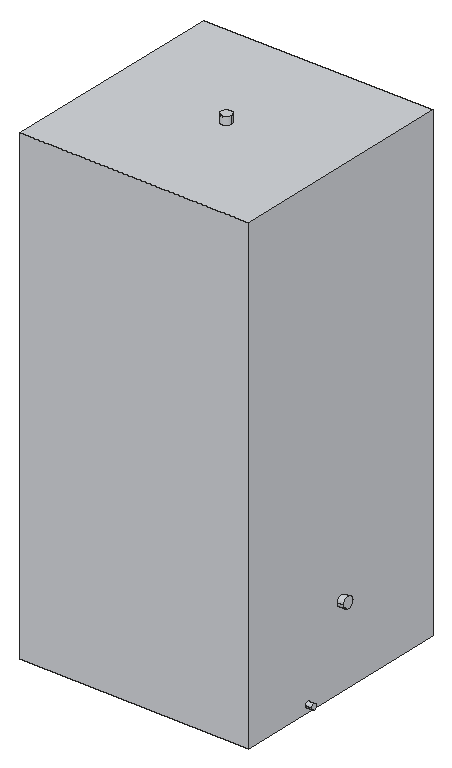
Revit family
Parameters (values of type "HV(Voltage)(kW)1250 1 Phase")
  Wattage = MAX KW * 1000 VA  # 60000 VA
  MAX KW = 60
  D_INLET HEIGHT = 23 1/4"
  Water Conn Radius = 1 1/2"
  VOLTAGE = 208 V
  Total Amps = MAX KW * 1000 V / VOLTAGE  # 288.4615
  Top Clearance = 24"
  SES BIM Studio # = "201264902-49"
  URL = "http://www.lochinvar.com/_linefiles/CHP-10.pdf"
  Number of Poles = 2
  Model = "HV *(kW)-1250"
  Manufacturer = "Lochinvar"
  MODEL NO. = "HV (Voltage) (kW)-1000"
  INLET/OUTLET SIZE = Water Conn Radius * 2  # 3"
  GALLON CAPACITY = "1250"
  Cost = 0
  C_DEPTH = 64 1/2"
  CONTINUOUS DELIVERY (GPH) = "246"
  B_WIDTH = 64 1/2"
  A_HEIGHT = 132 1/2"
  Description = ""
  Fuel Type = ""
  # OF ELEMENTS = "4"
Types (5): name | D_INLET HEIGHT | Model | GALLON CAPACITY | C_DEPTH | B_WIDTH | A_HEIGHT
  (no name) | 23 1/4" | "HV *(kW)-1250" | "1250" | 64 1/2" | 64 1/2" | 132 1/2"
  HV(Voltage)(kW)1250 1 Phase | 23 1/4" | "HV *(kW)-1250" | "1250" | 64 1/2" | 64 1/2" | 132 1/2"
  HV(Voltage)(kW)1500 1 Phase | 25 1/4" | "HV *(kW)-1500" | "1500" | 70 1/2" | 70 1/2" | 128 1/2"
  HV(Voltage)(kW)2000 1 Phase | 27 1/4" | "HV *(kW)-2000" | "2000" | 76 1/2" | 76 1/2" | 140 1/2"
  HV(Voltage)(kW)2500 1 Phase | 29" | "HV *(kW)-2500" | "2500" | 82 1/2" | 82 1/2" | 146 1/2"
Reference planes (in)
  plane 1 "Center of Tank": y = 6.125
  plane 2: z = 0
  plane 3 "Center (Left/Right)": x = -1.39218
  plane 4 "Top": z = 132.5
  plane 5 "Back": y = 38.375
  plane 6 "Inlet Height": z = 23.25
  plane 7 "Left": x = -33.64218
  plane 8 "Right": x = 30.85782
  plane 9 "Front": y = -26.125
  plane 10: y = -5.875
  plane 11: z = 130
  plane 12: x = -19.39218
  plane 13: x = 16.60782
Forms (in)
  Extrusion 1, solid
    sketch origin (0, 0, 0) x (1, 0, 0) y (0, 1, 0)
      loop
        line (-33.64218, 38.375) -> (-33.64218, -26.125) -> (30.85782, -26.125) -> (30.85782, 38.375) -> (-33.64218, 38.375)
    from 0 to 132.5
  Extrusion 2, solid
    sketch origin (30.85782, 0, 0) x (0, 1, 0) y (0, 0, 1)
      loop
        circle (6.125, 23.25) r 1.5
    from 0 to 2
  Extrusion 3, solid
    sketch origin (30.85782, -12, -21) x (0, 1, 0) y (0, 0, 1)
      loop
        circle (6.125, 23.25) r 0.75
    from 0 to 2
  Extrusion 4, solid
    sketch origin (0, 0, 132.5) x (-1, 0, 0) y (0, -1, 0)
      loop
        circle (1.39218, -6.125) r 1.5
    from 0 to 2
Lines and regions (in)
  model lines, style "MechanicalEquipment"
    curve 1: line (-19.39218, -26.125, 5) -> (-19.39218, -26.125, 130)
    curve 2: line (-19.39218, -26.125, 130) -> (16.60782, -26.125, 130)
    curve 3: line (16.60782, -26.125, 130) -> (16.60782, -26.125, 5)
    curve 4: line (16.60782, -26.125, 5) -> (-19.39218, -26.125, 5)
  model lines
    curve 5: line (-33.64218, -26.125, 4) -> (30.85782, -26.125, 4)
    curve 6: line (-16.39218, -26.125, 67.5) -> (-16.39218, -26.125, 70.5)
    curve 7: line (-16.39218, -26.125, 70.5) -> (-15.39218, -26.125, 70.5)
    curve 8: line (-15.39218, -26.125, 70.5) -> (-15.39218, -26.125, 64.5)
    curve 9: line (-15.39218, -26.125, 64.5) -> (-16.39218, -26.125, 64.5)
    curve 10: line (-16.39218, -26.125, 64.5) -> (-16.39218, -26.125, 67.5)
    curve 11: line (-7.39218, -26.125, 114) -> (4.60782, -26.125, 114)
    curve 12: line (4.60782, -26.125, 114) -> (4.60782, -26.125, 108)
    curve 13: line (4.60782, -26.125, 108) -> (-7.39218, -26.125, 108)
    curve 14: line (-7.39218, -26.125, 108) -> (-7.39218, -26.125, 114)
    curve 15: line (30.85782, -26.125, 5) -> (30.85782, 38.375, 5)
    curve 16: line (30.85782, 38.375, 4) -> (-33.64218, 38.375, 4)
    curve 17: line (-33.64218, 38.375, 5) -> (-33.64218, -26.125, 5)
Dimensions and locks (in)
  "A_HEIGHT": plane 4 "Top" to level
  equal spacing: plane 7 "Left", plane 3 "Center (Left/Right)", plane 8 "Right"
  "B_WIDTH": plane 7 "Left" to plane 8 "Right"
  equal spacing: plane 9 "Front", plane 1 "Center of Tank", plane 5 "Back"
  "C_DEPTH": plane 9 "Front" to plane 5 "Back"
  "D_INLET HEIGHT": plane 6 "Inlet Height" to level
  locked: plane 4 "Top" to plane 11 at 2.5
  equal spacing: plane 13, plane 3 "Center (Left/Right)", plane 12
  plane 13 to plane 12 = 36"
  "Water Conn Radius": radius of Extrusion 2 sketch curve
  radius of Extrusion 3 sketch curve = 3/4"
  "Water Conn Radius": radius of Extrusion 4 sketch curve
  aligned and locked: plane 4 "Top" to Extrusion 1
  aligned and locked: curve 3 to plane 13
  aligned and locked: plane 12 to curve 1
Automatic sketch dimensions
  plane 5 "Back" to Extrusion 1 sketch curve = 0"
  Extrusion 1 sketch curve to plane 7 "Left" = 0"
  Extrusion 1 sketch curve to plane 8 "Right" = 0"
  plane 9 "Front" to Extrusion 1 sketch curve = 0"
  Extrusion 2 sketch curve to plane 1 "Center of Tank" = 0"
  Extrusion 2 sketch curve to plane 6 "Inlet Height" = 0"
  Extrusion 3 sketch curve to plane 10 = 0"
  level to Extrusion 3 sketch curve = 2 1/4"
  plane 1 "Center of Tank" to Extrusion 4 sketch curve = 0"
  Extrusion 4 sketch curve to plane 3 "Center (Left/Right)" = 0"
  curve 5 to plane 7 "Left" = 0"
  curve 1 to plane 11 = 0"
  curve 5 to plane 8 "Right" = 0"
  plane 12 to curve 7 = 3"
  curve 9 to curve 9 = 1"
  curve 14 to plane 3 "Center (Left/Right)" = 6"
  plane 3 "Center (Left/Right)" to curve 12 = 6"
  curve 12 to plane 11 = 16"
  curve 12 to curve 11 = 6"
  curve 7 to curve 13 = 37 1/2"
  curve 6 to curve 6 = 3"
  curve 8 to curve 6 = 3"
  level to curve 3 = 5"
  level to curve 5 = 4"
  curve 15 to plane 9 "Front" = 0"
  curve 15 to plane 5 "Back" = 0"
  level to curve 15 = 5"
  curve 16 to plane 7 "Left" = 0"
  curve 16 to plane 8 "Right" = 0"
  level to curve 16 = 4"
  curve 17 to plane 9 "Front" = 0"
  curve 17 to plane 5 "Back" = 0"
  level to curve 17 = 5"
Connectors (in)
  piping at (-1.39218, 6.125, 134.5), driven by "Water Conn Radius"
    settings: on Extrusion 4, index 1, connector radius 1 1/2", flow factor 0, pipe flow 0 GPM, pressure drop 0.00 psi, fitting loss kfactor 0, connector angle 0.00°, fixture units 0, flow configuration 1, flow direction 2, fitting loss method 0, system type 19, connector reference index -1, connector utility 0, adjustable connector no, is connector primary yes, fitting loss table "", connector description ""
  piping at (32.85782, 6.125, 23.25), driven by "Water Conn Radius"
    settings: on Extrusion 2, index 2, connector radius 1 1/2", flow factor 0, pipe flow 0 GPM, pressure drop 0.00 psi, fitting loss kfactor 0, connector angle 0.00°, fixture units 0, flow configuration 1, flow direction 1, fitting loss method 0, system type 20, connector reference index -1, connector utility 0, adjustable connector no, is connector primary no, fitting loss table "", connector description "Water Inlet Conn"
  piping at (32.85782, -5.875, 2.25)
    settings: on Extrusion 3, index 3, connector radius 3/4", flow factor 0, pipe flow 0 GPM, pressure drop 0.00 psi, fitting loss kfactor 0, connector angle 0.00°, fixture units 0, flow configuration 1, flow direction 2, fitting loss method 0, system type 16, connector reference index -1, connector utility 0, adjustable connector no, is connector primary no, fitting loss table "", connector description "Drain Conn"
